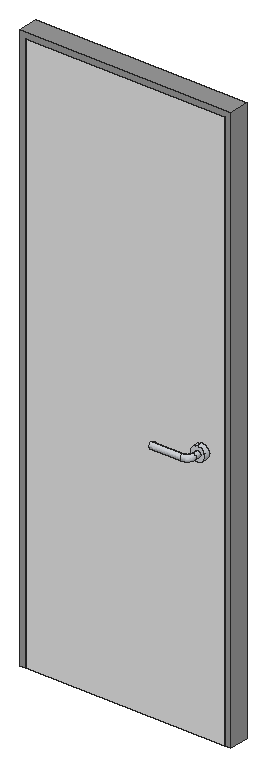
Revit family "- Lucero", category Doors, host Wall, Revit 2018
Family settings
  Host = Wall
  OmniClass Number = 23.30.10.00
  OmniClass Title = Doors
  Always vertical = Yes
  Cut with Voids When Loaded = No
  Shared = No
  Room Calculation Point = No
Parameters (values of type "- 70 x 200 cm")
  Set de Marcos = ""
  Relleno = ""
  Material Marco = - Perfil Aluminio
  Material Hoja = - HDF Primer
  Manilla = - Manilla
  Hojas = "Simple de Abatir"
  Function = Interior
  Frame Projection Ext. = 2.50 cm
  Frame Projection Int. = 2.50 cm
  Frame Width = 7.50 cm
  Height = 200.00 cm
  Wall Closure = By host
  Width = 74.00 cm
  Distancia a Cara Interior = 6.00 cm
  Bisagras = ""
  Ancho Hoja = Width - 4.00 cm  # 70.00 cm
  Ancho = Width  # 74.00 cm
  Analytic Construction = "<None>"
  Alto = Height  # 200.00 cm
Types (12, lengths in cm): name | Material Hoja | Height | Width | Ancho Hoja | Ancho | Alto
  - 70 x 200 cm | - HDF Primer | 200.00 | 74.00 | 70.00 | 74.00 | 200.00
  - 75 x 200 cm | none | 200.00 | 79.00 | 75.00 | 79.00 | 200.00
  - 80 x 200 cm | none | 200.00 | 84.00 | 80.00 | 84.00 | 200.00
  - 85 x 200 cm | none | 200.00 | 89.00 | 85.00 | 89.00 | 200.00
  - 90 x 200 cm | none | 200.00 | 94.00 | 90.00 | 94.00 | 200.00
  -100 x 200 cm | none | 200.00 | 104.00 | 100.00 | 104.00 | 200.00
  - 70 x 210 cm | none | 210.00 | 74.00 | 70.00 | 74.00 | 210.00
  - 75 x 210 cm | none | 210.00 | 79.00 | 75.00 | 79.00 | 210.00
  - 80 x 210 cm | none | 210.00 | 84.00 | 80.00 | 84.00 | 210.00
  - 85 x 210 cm | none | 210.00 | 89.00 | 85.00 | 89.00 | 210.00
  - 90 x 210 cm | none | 210.00 | 94.00 | 90.00 | 94.00 | 210.00
  - 100 x 210 cm | - HDF Crystal | 210.00 | 104.00 | 100.00 | 104.00 | 210.00
Reference planes (cm)
  plane 1: y = 0
  plane 2 "Center (Left/Right)": x = 0
  plane 3 "Left": x = -37
  plane 4 "Right": x = 37
  plane 5: z = 200
  plane 6 "Exterior": y = 7.5
  plane 7 "Interior": y = -7.5
  plane 8: y = -1.5
  plane 9: z = 198
  plane 10: x = -35
  plane 11: x = 35
Forms (cm)
  Sweep 1, solid, material "- Perfil Aluminio" <- "Material Marco"
    path origin (0, 7.5, 0) x (1, 0, 0) y (0, 0, 1)
      loop
        line (37, 0) -> (37, 200) -> (-37, 200) -> (-37, 0)
    profile origin (37, 7.5, 100) x (-1, 0, 0) y (0, -1, 0)
      loop
        line (0, 2) -> (3, 2) -> (3, 4.3) -> (2, 4.3) -> (2, 9) -> (0, 9) -> (0, 2)
  Extrusion 2, solid, material "- HDF Primer" <- "Material Hoja"
    sketch origin (0, 0, 0) x (1, 0, 0) y (0, 1, 0)
      loop
        line (-35, -1.5) -> (35, -1.5) -> (35, 3) -> (-35, 3) -> (-35, -1.5)
    from 0 to 198
  Sweep 3, solid, material "- Manilla" <- "Manilla", not visible
    path origin (5.8483, -7.5601, 0) x (1, 0, 0) y (0, 1, 0)
      loop
        line (22.1517, 15.0613) -> (32.1517, 15.0613)
        arc (32.1517, 15.0613) -> (33.5659, 14.4756) -> (34.1517, 13.0613) r 2
        line (34.1517, 13.0613) -> (34.1517, 11.0613)
    profile origin (33, 7.5012, 0) x (0, 1, 0) y (0, 0, 1)
      loop
        circle (0, 90) r 1
  Extrusion 4, solid, material "- Manilla" <- "Manilla", not visible
    sketch origin (0, 7.5, 0) x (1, 0, 0) y (0, 0, 1)
      loop
        circle (40, 90) r 2.5
    from 3.9988 to 5
Lines and regions (cm)
  Opening 1
    outline origin (-305, -7.5, 0) x (1, 0, 0) y (0, 0, 1)
      loop
        line (268, 0) -> (342, 0) -> (342, 200) -> (268, 200) -> (268, 0)
  symbolic lines, style "Elevation Swing"
    curve 1: line (37, -7.5, 100) -> (-37, -7.5, 200)
    curve 2: line (37, -7.5, 100) -> (-37, -7.5, 0)
    curve 7: arc (-30.5, -71.5, 0) -> (16.4246, -49.6941, 0) -> (35.2596, -1.5001, 0) r 69.4706
  symbolic lines
    curve 3: line (-35, -1.5, 0) -> (-35, -71.5, 0)
    curve 4: line (-30.5, -1.5, 0) -> (-35, -1.5, 0)
    curve 5: line (-30.5, -71.5, 0) -> (-30.5, -1.5, 0)
    curve 6: line (-35, -71.5, 0) -> (-30.5, -71.5, 0)
  model lines, not visible
    curve 8: line (-20, 3, 25) -> (20, 3, 25)
    curve 9: line (-20, 3, 65) -> (-20, 3, 25)
    curve 10: line (20, 3, 65) -> (8.6603, 3, 65)
    curve 11: line (20, 3, 25) -> (20, 3, 65)
    curve 12: line (-20, 3, 75) -> (-8.6603, 3, 75)
    curve 13: line (-20, 3, 75) -> (-20, 3, 169.9666)
    curve 14: line (20, 3, 75) -> (20, 3, 169.9666)
    curve 15: arc (-8.6603, 3, 65) -> (0, 3, 60) -> (8.6603, 3, 65) r 10
    curve 16: line (8.6603, 3, 75) -> (20, 3, 75)
    curve 17: line (-8.6603, 3, 65) -> (-20, 3, 65)
    curve 18: arc (8.6603, 3, 75) -> (0, 3, 80) -> (-8.6603, 3, 75) r 10
    curve 19: arc (14.9666, 3, 175) -> (0, 3, 183) -> (-14.9666, 3, 175) r 18
    curve 20: arc (-20, 3, 169.9666) -> (-16.4409, 3, 171.4409) -> (-14.9666, 3, 175) r 5.0334
    curve 21: arc (14.9666, 3, 175) -> (16.4409, 3, 171.4409) -> (20, 3, 169.9666) r 5.0334
    curve 22: line (-9.2195, 3, 64) -> (-19, 3, 64)
    curve 23: line (-19, 3, 64) -> (-19, 3, 26)
    curve 24: arc (9.2195, 3, 64) -> (0, 3, 59) -> (-9.2195, 3, 64) r 11
    curve 25: line (19, 3, 64) -> (9.2195, 3, 64)
    curve 26: line (19, 3, 26) -> (19, 3, 64)
    curve 27: line (-19, 3, 26) -> (19, 3, 26)
    curve 28: line (-18.9928, 3, 168.9932) -> (-18.9928, 3, 76)
    curve 29: arc (-13.9941, 3, 174.9045) -> (-15.4113, 3, 171.0338) -> (-18.9928, 3, 168.9932) r 5.9946
    curve 30: arc (13.9971, 3, 174.7848) -> (0.0327, 3, 182.1538) -> (-13.9941, 3, 174.9045) r 17.0542
    curve 31: arc (19, 3, 169.1276) -> (15.4988, 3, 171.072) -> (13.9971, 3, 174.7848) r 6.0089
    curve 32: line (19, 3, 76) -> (19, 3, 169.1276)
    curve 33: line (9.2195, 3, 76) -> (19, 3, 76)
    curve 34: arc (-9.2195, 3, 76) -> (0, 3, 81) -> (9.2195, 3, 76) r 11
    curve 35: line (-18.9928, 3, 76) -> (-9.2195, 3, 76)
    curve 36: arc (12.052, 3, 174.0667) -> (0.0498, 3, 180.1537) -> (-12.0243, 3, 174.2107) r 15.0542
    curve 37: arc (-12.0243, 3, 174.2107) -> (-13.561, 3, 170.1508) -> (-16.9928, 3, 167.4925) r 7.9946
    curve 38: line (-16.9928, 3, 167.4925) -> (-16.9928, 3, 78)
    curve 39: line (17, 3, 78) -> (17, 3, 167.6269)
    curve 40: arc (17, 3, 167.6269) -> (13.6492, 3, 170.1731) -> (12.052, 3, 174.0667) r 8.0089
    curve 41: line (-16.9928, 3, 78) -> (-10.247, 3, 78)
    curve 42: arc (-10.247, 3, 78) -> (0, 3, 83) -> (10.247, 3, 78) r 13
    curve 43: line (10.247, 3, 78) -> (17, 3, 78)
    curve 44: line (-10.247, 3, 62) -> (-17, 3, 62)
    curve 45: arc (10.247, 3, 62) -> (0, 3, 57) -> (-10.247, 3, 62) r 13
    curve 46: line (17, 3, 62) -> (10.247, 3, 62)
    curve 47: line (17, 3, 28) -> (17, 3, 62)
    curve 48: line (-17, 3, 28) -> (17, 3, 28)
    curve 49: line (-17, 3, 62) -> (-17, 3, 28)
    curve 50: line (-314, -1.5, 25) -> (-274, -1.5, 25)
    curve 51: line (-314, -1.5, 65) -> (-314, -1.5, 25)
    curve 52: line (-274, -1.5, 25) -> (-274, -1.5, 65)
    curve 53: line (-314, -1.5, 70) -> (-274, -1.5, 70)
    curve 54: line (-314, -1.5, 70) -> (-314, -1.5, 87)
    curve 55: line (-274, -1.5, 70) -> (-274, -1.5, 87)
    curve 56: line (-274, -1.5, 65) -> (-314, -1.5, 65)
    curve 57: line (-275, -1.5, 64) -> (-313, -1.5, 64)
    curve 58: line (-313, -1.5, 64) -> (-313, -1.5, 26)
    curve 59: line (-275, -1.5, 26) -> (-275, -1.5, 64)
    curve 60: line (-313, -1.5, 26) -> (-275, -1.5, 26)
    curve 61: line (-312.9928, -1.5, 86) -> (-312.9928, -1.5, 71)
    curve 62: line (-275, -1.5, 71) -> (-275, -1.5, 86)
    curve 63: line (-312.9928, -1.5, 71) -> (-275, -1.5, 71)
    curve 64: line (-310.9928, -1.5, 84) -> (-310.9928, -1.5, 73)
    curve 65: line (-277, -1.5, 73) -> (-277, -1.5, 84)
    curve 66: line (-310.9928, -1.5, 73) -> (-277, -1.5, 73)
    curve 67: line (-277, -1.5, 62) -> (-311, -1.5, 62)
    curve 68: line (-277, -1.5, 28) -> (-277, -1.5, 62)
    curve 69: line (-311, -1.5, 28) -> (-277, -1.5, 28)
    curve 70: line (-311, -1.5, 62) -> (-311, -1.5, 28)
    curve 71: line (-310.9928, -1.5, 84) -> (-277, -1.5, 84)
    curve 72: line (-314, -1.5, 87) -> (-274, -1.5, 87)
    curve 73: line (-312.9928, -1.5, 86) -> (-275, -1.5, 86)
    curve 74: line (-310.9928, -1.5, 84) -> (-277, -1.5, 84)
    curve 75: line (-314, -1.5, 97) -> (-274, -1.5, 97)
    curve 76: line (-314, -1.5, 185) -> (-314, -1.5, 97)
    curve 77: line (-274, -1.5, 97) -> (-274, -1.5, 185)
    curve 78: line (-274, -1.5, 185) -> (-314, -1.5, 185)
    curve 79: line (-275, -1.5, 184) -> (-313, -1.5, 184)
    curve 80: line (-313, -1.5, 184) -> (-313, -1.5, 98)
    curve 81: line (-275, -1.5, 98) -> (-275, -1.5, 184)
    curve 82: line (-313, -1.5, 98) -> (-275, -1.5, 98)
    curve 83: line (-277, -1.5, 182) -> (-311, -1.5, 182)
    curve 84: line (-277, -1.5, 100) -> (-277, -1.5, 182)
    curve 85: line (-311, -1.5, 100) -> (-277, -1.5, 100)
    curve 86: line (-311, -1.5, 182) -> (-311, -1.5, 100)
    curve 87: line (-320, 3, 25) -> (-280, 3, 25)
    curve 88: line (-320, 3, 65) -> (-320, 3, 25)
    curve 89: line (-280, 3, 25) -> (-280, 3, 65)
    curve 90: line (-320, 3, 72.5) -> (-280, 3, 72.5)
    curve 91: line (-280, 3, 65) -> (-320, 3, 65)
    curve 92: line (-281, 3, 64) -> (-319, 3, 64)
    curve 93: line (-319, 3, 64) -> (-319, 3, 26)
    curve 94: line (-281, 3, 26) -> (-281, 3, 64)
    curve 95: line (-319, 3, 26) -> (-281, 3, 26)
    curve 96: line (-319, 3, 73.5) -> (-281, 3, 73.5)
    curve 97: line (-317, 3, 75.5) -> (-283, 3, 75.5)
    curve 98: line (-283, 3, 62) -> (-317, 3, 62)
    curve 99: line (-283, 3, 28) -> (-283, 3, 62)
    curve 100: line (-317, 3, 28) -> (-283, 3, 28)
    curve 101: line (-317, 3, 62) -> (-317, 3, 28)
    curve 102: line (-320, 3, 179.3431) -> (-320, 3, 72.5)
    curve 103: line (-280, 3, 72.5) -> (-280, 3, 179.3431)
    curve 104: line (-319, 3, 178.3431) -> (-319, 3, 73.5)
    curve 105: line (-281, 3, 73.5) -> (-281, 3, 178.3431)
    curve 106: line (-283, 3, 75.5) -> (-283, 3, 176.3431)
    curve 107: line (-317, 3, 176.3431) -> (-317, 3, 75.5)
    curve 108: arc (-292, 3, 181) -> (-300, 3, 185) -> (-308, 3, 181) r 10
    curve 109: arc (-292, 3, 181) -> (-290.1648, 3, 179.7737) -> (-288, 3, 179.3431) r 5.6569
    curve 110: arc (-308, 3, 181) -> (-309.8352, 3, 179.7737) -> (-312, 3, 179.3431) r 5.6569
    curve 111: line (-288, 3, 179.3431) -> (-280, 3, 179.3431)
    curve 112: line (-312, 3, 179.3431) -> (-320, 3, 179.3431)
    curve 113: line (-281, 3, 178.3431) -> (-288, 3, 178.3431)
    curve 114: arc (-288, 3, 178.3431) -> (-290.5825, 3, 178.8645) -> (-292.7604, 3, 180.3468) r 6.6569
    curve 115: arc (-292.7604, 3, 180.3468) -> (-300, 3, 184) -> (-307.2396, 3, 180.3468) r 9
    curve 116: arc (-307.2396, 3, 180.3468) -> (-309.4175, 3, 178.8645) -> (-312, 3, 178.3431) r 6.6569
    curve 117: line (-312, 3, 178.3431) -> (-319, 3, 178.3431)
    curve 118: line (-283, 3, 176.3431) -> (-288, 3, 176.3431)
    curve 119: arc (-288, 3, 176.3431) -> (-291.43, 3, 177.0516) -> (-294.2985, 3, 179.0611) r 8.6569
    curve 120: arc (-294.2985, 3, 179.0611) -> (-300, 3, 182) -> (-305.7015, 3, 179.0611) r 7
    curve 121: arc (-305.7015, 3, 179.0611) -> (-308.57, 3, 177.0516) -> (-312, 3, 176.3431) r 8.6569
    curve 122: line (-312, 3, 176.3431) -> (-317, 3, 176.3431)
    curve 123: line (302, -1.5, 25) -> (342, -1.5, 25)
    curve 124: line (302, -1.5, 65) -> (302, -1.5, 25)
    curve 125: line (342, -1.5, 25) -> (342, -1.5, 65)
    curve 126: line (302, -1.5, 77.5) -> (342, -1.5, 77.5)
    curve 127: line (342, -1.5, 65) -> (302, -1.5, 65)
    curve 128: line (341, -1.5, 64) -> (303, -1.5, 64)
    curve 129: line (303, -1.5, 64) -> (303, -1.5, 26)
    curve 130: line (341, -1.5, 26) -> (341, -1.5, 64)
    curve 131: line (303, -1.5, 26) -> (341, -1.5, 26)
    curve 132: line (303, -1.5, 78.5) -> (341, -1.5, 78.5)
    curve 133: line (304.9998, -1.5, 80.5) -> (339.0011, -1.5, 80.5)
    curve 134: line (339, -1.5, 62) -> (305, -1.5, 62)
    curve 135: line (339, -1.5, 28) -> (339, -1.5, 62)
    curve 136: line (305, -1.5, 28) -> (339, -1.5, 28)
    curve 137: line (305, -1.5, 62) -> (305, -1.5, 28)
    curve 138: line (302, -1.5, 185) -> (302, -1.5, 77.5)
    curve 139: line (342, -1.5, 77.5) -> (342, -1.5, 185)
    curve 140: line (303, -1.5, 184) -> (303, -1.5, 78.5)
    curve 141: line (341, -1.5, 78.5) -> (341, -1.5, 184)
    curve 142: line (339.0011, -1.5, 80.5) -> (339.0011, -1.5, 182)
    curve 143: line (304.9998, -1.5, 182) -> (304.9998, -1.5, 80.5)
    curve 144: line (306, 3, 25) -> (346, 3, 25)
    curve 145: line (306, 3, 65) -> (306, 3, 25)
    curve 146: line (346, 3, 25) -> (346, 3, 65)
    curve 147: line (306, 3, 77.5) -> (346, 3, 77.5)
    curve 148: line (346, 3, 65) -> (306, 3, 65)
    curve 149: line (345, 3, 64) -> (307, 3, 64)
    curve 150: line (307, 3, 64) -> (307, 3, 26)
    curve 151: line (345, 3, 26) -> (345, 3, 64)
    curve 152: line (307, 3, 26) -> (345, 3, 26)
    curve 153: line (307, 3, 78.5) -> (345, 3, 78.5)
    curve 154: line (308.9998, 3, 80.5) -> (343.0011, 3, 80.5)
    curve 155: line (343, 3, 62) -> (309, 3, 62)
    curve 156: line (343, 3, 28) -> (343, 3, 62)
    curve 157: line (309, 3, 28) -> (343, 3, 28)
    curve 158: line (309, 3, 62) -> (309, 3, 28)
    curve 159: line (306, 3, 185) -> (306, 3, 77.5)
    curve 160: line (346, 3, 77.5) -> (346, 3, 185)
    curve 161: line (307, 3, 184) -> (307, 3, 78.5)
    curve 162: line (345, 3, 78.5) -> (345, 3, 184)
    curve 163: line (343.0011, 3, 80.5) -> (343.0011, 3, 182)
    curve 164: line (308.9998, 3, 182) -> (308.9998, 3, 80.5)
    curve 165: line (346, 3, 185) -> (306, 3, 185)
    curve 166: line (345, 3, 184) -> (307, 3, 184)
    curve 167: line (343.0011, 3, 182) -> (308.9998, 3, 182)
    curve 168: line (302, -1.5, 185) -> (342, -1.5, 185)
    curve 169: line (341, -1.5, 184) -> (303, -1.5, 184)
    curve 170: line (339.0011, -1.5, 182) -> (304.9998, -1.5, 182)
    curve 171: line (24, 7.5, 179) -> (-49, 7.5, 179)
    curve 172: line (24, 7.5, 178) -> (-49, 7.5, 178)
    curve 175: line (-49, 7.5, 178.5) -> (-48.8, 7.5, 178.5)
  model lines
    curve 173: line (-34, 7.5, 34.5) -> (-33.8, 7.5, 34.5)
    curve 174: line (-34, 7.5, 172.5) -> (-33.8, 7.5, 172.5)
    curve 176: line (-34, 7.5, 138) -> (-33.8, 7.5, 138)
    curve 177: line (-34, 7.5, 103.5) -> (-33.8, 7.5, 103.5)
    curve 178: line (-34, 7.5, 69) -> (-33.8, 7.5, 69)
    curve 179: line (-35, -1.5, 165) -> (35, -1.5, 165)
    curve 180: line (-35, -1.5, 33) -> (35, -1.5, 33)
    curve 181: line (-35, -1.5, 66) -> (35, -1.5, 66)
    curve 182: line (-35, -1.5, 99) -> (35, -1.5, 99)
    curve 183: line (-35, -1.5, 132) -> (35, -1.5, 132)
    curve 184: line (34, 3, 173.3333) -> (-34, 3, 173.3333)
    curve 185: line (34, 3, 138.6667) -> (-34, 3, 138.6667)
    curve 186: line (34, 3, 104) -> (-34, 3, 104)
    curve 187: line (34, 3, 69.3333) -> (-34, 3, 69.3333)
    curve 188: line (34, 3, 34.6667) -> (-34, 3, 34.6667)
Text (cm)
  text "Exterior" at (-229.5016, 109.9543, 0), in view "Ref. Level"
  text "Exterior" at (0, 161.538, 369.8081), in view "Left"
  text "Exterior" at (0, 103.6032, 387.4932), in view "Right"
Dimensions and locks (cm)
  equal spacing: plane 3 "Left", plane 2 "Center (Left/Right)", plane 4 "Right"
  "Width": plane 3 "Left" to plane 4 "Right"
  "Height": plane 5 to host wall
  equal spacing: host wall, curve 2, plane 5
  host wall to plane 5 = 200.00 cm
  locked: plane 6 "Exterior" to host wall at 0
  locked: plane 7 "Interior" to host wall
  "Distancia a Cara Interior": plane 7 "Interior" to plane 8
  locked: Sweep 1 sketch curve to Sweep 1 sketch curve at 7
  locked: plane 9 to plane 5 at 2
  locked: curve 3 to curve 5 at 4.5
  locked: plane 3 "Left" to plane 10 at 2
  locked: plane 11 to plane 4 "Right" at 2
  "Ancho Hoja": curve 6 to curve 4
  locked: Extrusion 2 sketch curve to Extrusion 2 sketch curve at 4.5
  locked: nested 1 to plane 4 "Right" at 10
  level to nested 1 = 90.00 cm
  locked: nested 2 to plane 4 "Right" at 10
  locked: nested 2 to level at 90
  locked: Sweep 1 sketch curve to Sweep 1 sketch curve at 2.3
  equal spacing: plane 9, curve 179, curve 183, curve 182, curve 181, curve 180, level
  aligned and locked: plane 3 "Left" to Opening 1 sketch curve
  aligned and locked: plane 5 to Opening 1 sketch curve  (x2)
  aligned and locked: Opening 1 sketch curve to plane 4 "Right"
  aligned and locked: Opening 1 sketch curve to level
  aligned and locked: plane 5 to curve 1
  aligned and locked: plane 3 "Left" to curve 2
  aligned and locked: plane 1 to host wall
  aligned and locked: plane 3 "Left" to curve 1
  aligned and locked: plane 8 to Sweep 1 sketch curve
  aligned and locked: Extrusion 2 sketch curve to plane 8
  aligned and locked: Sweep 1 to level
  aligned and locked: plane 10 to curve 3
  aligned and locked: Sweep 3 to Extrusion 4
  aligned and locked: Extrusion 2 to plane 9
Automatic sketch dimensions
  curve 7 to plane 8 = 0.0001 cm
  curve 7 to plane 11 = 0.2596 cm
  curve 4 to plane 8 = 0.00 cm
  curve 7 to plane 10 = 0.7919 cm
  Sweep 3 sketch curve to Sweep 3 sketch curve = 10.00 cm
  Sweep 3 sketch curve to Sweep 3 sketch curve = 2.00 cm  (x2)
  Sweep 3 sketch curve to profile plane = 0.00 cm
  profile plane to Sweep 3 sketch curve = 90.00 cm
  Extrusion 2 sketch curve to plane 10 = 0.00 cm
  Extrusion 2 sketch curve to plane 11 = 0.00 cm
  curve 15 to curve 18 = 0.00 cm  (x4)
  curve 15 to curve 24 = 0.00 cm  (x4)
  curve 15 to curve 34 = 0.00 cm  (x4)
  curve 15 to curve 42 = 0.00 cm  (x4)
  curve 15 to curve 45 = 0.00 cm  (x4)
  curve 29 to curve 37 = 0.00 cm  (x4)
  curve 30 to curve 36 = 0.00 cm  (x4)
  curve 31 to curve 40 = 0.00 cm  (x4)
  curve 8 to curve 31 = 0.00 cm
  curve 21 to curve 31 = 0.00 cm
  curve 14 to curve 32 = 1.00 cm
  curve 10 to curve 26 = 1.00 cm
  curve 26 to curve 47 = 2.00 cm
  curve 32 to curve 39 = 2.00 cm
  curve 46 to curve 46 = 6.753 cm
  curve 39 to curve 43 = 6.753 cm
  curve 42 to curve 33 = 1.0274 cm
  curve 45 to curve 25 = 1.0274 cm
  curve 33 to curve 16 = 0.5593 cm
  curve 24 to curve 10 = 0.5593 cm
  curve 16 to curve 24 = 8.6603 cm
  curve 39 to curve 19 = 17.00 cm
  curve 19 to curve 36 = 0.0402 cm
  curve 15 to curve 12 = 8.6603 cm
  curve 15 to curve 17 = 8.6603 cm
  curve 15 to curve 22 = 0.5593 cm
  curve 12 to curve 35 = 0.5593 cm
  curve 22 to curve 44 = 1.0274 cm
  curve 34 to curve 41 = 1.0274 cm
  curve 41 to curve 38 = 6.7459 cm
  curve 47 to curve 48 = 34.00 cm
  curve 38 to curve 35 = 2.00 cm
  curve 44 to curve 22 = 2.00 cm
  curve 28 to curve 29 = 0.9959 cm
  curve 29 to curve 20 = 0.0113 cm
  curve 22 to curve 17 = 1.00 cm
  curve 8 to curve 26 = 1.00 cm
  curve 23 to curve 49 = 2.00 cm
  curve 48 to curve 49 = 34.00 cm
  curve 45 to curve 25 = 2.00 cm
  curve 25 to curve 10 = 1.00 cm
  curve 10 to curve 45 = 5.00 cm
  curve 10 to curve 16 = 10.00 cm
  curve 12 to curve 35 = 1.00 cm
  curve 34 to curve 41 = 2.00 cm
  curve 41 to curve 19 = 87.00 cm
  curve 19 to curve 30 = 0.0997 cm
  curve 36 to curve 38 = 2.3928 cm
  curve 19 to curve 39 = 2.6269 cm
  curve 37 to curve 28 = 1.5007 cm
  curve 39 to curve 32 = 1.5007 cm
  curve 28 to curve 13 = 0.9734 cm
  curve 31 to curve 14 = 0.839 cm
  curve 13 to curve 29 = 4.9378 cm
  curve 29 to curve 20 = 0.0955 cm
  curve 21 to curve 40 = 0.0527 cm
  curve 31 to curve 36 = 1.9451 cm
  curve 55 to curve 62 = 1.4142 cm
  curve 59 to curve 68 = 2.8284 cm
  curve 62 to curve 65 = 2.8284 cm
  curve 53 to curve 63 = 1.4142 cm
  curve 57 to curve 67 = 2.8284 cm
  curve 66 to curve 64 = 33.9928 cm
  curve 68 to curve 69 = 34.00 cm
  curve 64 to curve 63 = 2.8284 cm
  curve 67 to curve 57 = 2.8284 cm
  curve 57 to curve 56 = 1.4142 cm
  curve 50 to curve 59 = 1.4142 cm
  curve 58 to curve 70 = 2.8284 cm
  curve 69 to curve 70 = 34.00 cm  (x2)
  curve 53 to curve 63 = 1.4193 cm
  curve 65 to curve 62 = 2.8284 cm
  curve 61 to curve 54 = 1.4193 cm
  curve 18 to curve 24 = 0.00 cm  (x2)
  curve 18 to curve 34 = 0.00 cm  (x2)
  curve 18 to curve 42 = 0.00 cm  (x2)
  curve 18 to curve 45 = 0.00 cm  (x2)
  curve 24 to curve 34 = 0.00 cm  (x2)
  curve 24 to curve 42 = 0.00 cm  (x2)
  curve 24 to curve 45 = 0.00 cm  (x2)
  curve 34 to curve 42 = 0.00 cm  (x2)
  curve 34 to curve 45 = 0.00 cm  (x2)
  curve 42 to curve 45 = 0.00 cm  (x2)
  curve 72 to curve 51 = 0.00 cm
  curve 75 to curve 54 = 0.00 cm
  curve 76 to curve 79 = 1.00 cm
  curve 51 to curve 57 = 1.00 cm
  curve 53 to curve 63 = 1.0072 cm
  curve 79 to curve 86 = 2.00 cm
  curve 58 to curve 70 = 2.00 cm
  curve 61 to curve 66 = 2.00 cm
  curve 64 to curve 65 = 33.9928 cm
  curve 69 to curve 69 = 34.00 cm
  curve 85 to curve 65 = 0.00 cm
  curve 68 to curve 60 = 2.00 cm
  curve 65 to curve 63 = 2.00 cm
  curve 84 to curve 82 = 2.00 cm
  curve 62 to curve 55 = 1.00 cm
  curve 57 to curve 56 = 1.00 cm  (x2)
  curve 79 to curve 78 = 1.00 cm  (x2)
  curve 50 to curve 59 = 1.00 cm
  curve 59 to curve 68 = 2.00 cm
  curve 67 to curve 57 = 2.00 cm
  curve 52 to curve 53 = 5.00 cm
  curve 53 to curve 63 = 1.00 cm
  curve 62 to curve 66 = 2.00 cm
  curve 65 to curve 71 = 11.00 cm
  curve 65 to curve 62 = 2.00 cm
  curve 62 to curve 72 = 1.00 cm
  curve 55 to curve 75 = 10.00 cm
  curve 75 to curve 82 = 1.00 cm
  curve 81 to curve 84 = 2.00 cm
  curve 84 to curve 84 = 82.00 cm
  curve 83 to curve 79 = 2.00 cm
  curve 87 to curve 90 = 0.00 cm
  curve 103 to curve 105 = 1.00 cm
  curve 89 to curve 92 = 1.00 cm
  curve 105 to curve 106 = 2.00 cm
  curve 92 to curve 99 = 2.00 cm
  curve 98 to curve 98 = 34.00 cm
  curve 106 to curve 107 = 34.00 cm
  curve 97 to curve 96 = 2.00 cm
  curve 98 to curve 92 = 2.00 cm
  curve 96 to curve 102 = 1.00 cm
  curve 92 to curve 91 = 1.00 cm
  curve 87 to curve 94 = 1.00 cm
  curve 94 to curve 99 = 2.00 cm
  curve 100 to curve 101 = 34.00 cm
  curve 98 to curve 93 = 2.00 cm
  curve 92 to curve 89 = 1.00 cm
  curve 89 to curve 103 = 7.50 cm
  curve 90 to curve 105 = 1.00 cm
  curve 96 to curve 106 = 2.00 cm
  curve 97 to curve 107 = 100.8431 cm
  curve 106 to curve 107 = 0.00 cm
  curve 106 to curve 105 = 2.00 cm
  curve 105 to curve 103 = 1.00 cm
  curve 123 to curve 126 = 52.50 cm
  curve 139 to curve 141 = 1.4142 cm
  curve 125 to curve 128 = 1.4142 cm
  curve 141 to curve 142 = 2.8276 cm
  curve 128 to curve 135 = 2.8284 cm
  curve 134 to curve 134 = 34.00 cm
  curve 142 to curve 143 = 34.0013 cm  (x2)
  curve 133 to curve 132 = 2.8283 cm
  curve 134 to curve 128 = 2.8284 cm
  curve 132 to curve 138 = 1.4142 cm
  curve 128 to curve 127 = 1.4142 cm
  curve 123 to curve 130 = 1.4142 cm
  curve 130 to curve 135 = 2.8284 cm
  curve 136 to curve 137 = 34.00 cm  (x2)
  curve 134 to curve 129 = 2.8284 cm
  curve 128 to curve 125 = 1.4142 cm
  curve 125 to curve 139 = 12.50 cm
  curve 126 to curve 141 = 1.4142 cm
  curve 132 to curve 142 = 2.8276 cm
  curve 133 to curve 143 = 101.50 cm
  curve 142 to curve 141 = 2.8276 cm
  curve 143 to curve 140 = 2.8283 cm
  curve 141 to curve 139 = 1.4142 cm
  curve 140 to curve 138 = 1.4142 cm
  curve 108 to curve 115 = 0.00 cm  (x4)
  curve 108 to curve 120 = 0.00 cm  (x4)
  curve 109 to curve 114 = 0.00 cm  (x3)
  curve 109 to curve 119 = 0.00 cm  (x4)
  curve 110 to curve 116 = 0.00 cm  (x3)
  curve 110 to curve 121 = 0.00 cm  (x3)
  curve 114 to curve 119 = 0.00 cm  (x3)
  curve 116 to curve 121 = 0.00 cm  (x4)
  curve 106 to curve 111 = 5.00 cm
  curve 118 to curve 115 = 12.00 cm
  curve 110 to curve 104 = 7.00 cm
  curve 115 to curve 106 = 1.3431 cm
  curve 122 to curve 117 = 2.00 cm
  curve 117 to curve 112 = 1.00 cm
  curve 110 to curve 121 = 5.6569 cm
  curve 111 to curve 109 = 5.6569 cm
  curve 109 to curve 109 = 4.00 cm
  curve 108 to curve 115 = 0.7604 cm
  curve 115 to curve 119 = 1.5381 cm
  curve 115 to curve 120 = 0.00 cm  (x2)
  curve 144 to curve 147 = 52.50 cm
  curve 160 to curve 162 = 1.4142 cm
  curve 146 to curve 149 = 1.4142 cm
  curve 162 to curve 163 = 2.8276 cm
  curve 149 to curve 156 = 2.8284 cm
  curve 155 to curve 155 = 34.00 cm  (x2)
  curve 163 to curve 164 = 34.0013 cm  (x3)
  curve 154 to curve 153 = 2.8283 cm
  curve 155 to curve 149 = 2.8284 cm
  curve 153 to curve 159 = 1.4142 cm
  curve 149 to curve 148 = 1.4142 cm
  curve 144 to curve 151 = 1.4142 cm  (x2)
  curve 151 to curve 156 = 2.8284 cm  (x2)
  curve 157 to curve 158 = 34.00 cm  (x3)
  curve 155 to curve 150 = 2.8284 cm  (x2)
  curve 149 to curve 146 = 1.4142 cm  (x2)
  curve 146 to curve 160 = 12.50 cm  (x3)
  curve 147 to curve 162 = 1.4142 cm
  curve 153 to curve 163 = 2.8276 cm
  curve 154 to curve 164 = 101.50 cm  (x2)
  curve 163 to curve 162 = 2.8276 cm  (x2)
  curve 164 to curve 161 = 2.8283 cm
  curve 162 to curve 160 = 1.4142 cm
  curve 161 to curve 159 = 1.4142 cm
  curve 159 to curve 145 = 120.00 cm
  curve 147 to curve 161 = 1.4142 cm
  curve 145 to curve 149 = 1.4142 cm
  curve 150 to curve 158 = 2.8284 cm
  curve 153 to curve 154 = 2.8283 cm
  curve 155 to curve 163 = 18.50 cm
  curve 156 to curve 152 = 2.8284 cm
  curve 153 to curve 160 = 1.4142 cm
  curve 151 to curve 144 = 1.4142 cm
  curve 147 to curve 153 = 1.4142 cm
  curve 153 to curve 164 = 2.8283 cm
  curve 144 to curve 147 = 0.00 cm
  curve 147 to curve 153 = 1.00 cm  (x2)
  curve 146 to curve 149 = 1.00 cm
  curve 162 to curve 163 = 1.9989 cm
  curve 149 to curve 156 = 2.00 cm
  curve 155 to curve 158 = 34.00 cm
  curve 164 to curve 161 = 1.9998 cm
  curve 155 to curve 149 = 2.00 cm
  curve 150 to curve 145 = 1.00 cm
  curve 153 to curve 147 = 1.00 cm
  curve 144 to curve 151 = 1.00 cm
  curve 151 to curve 156 = 2.00 cm
  curve 155 to curve 150 = 2.00 cm
  curve 149 to curve 148 = 1.00 cm
  curve 153 to curve 154 = 2.00 cm
  curve 164 to curve 161 = 2.00 cm
  curve 161 to curve 159 = 1.00 cm
  curve 168 to curve 124 = 0.00 cm
  curve 126 to curve 132 = 1.00 cm  (x2)
  curve 124 to curve 128 = 1.00 cm
  curve 132 to curve 143 = 1.9998 cm
  curve 129 to curve 137 = 2.00 cm
  curve 134 to curve 135 = 34.00 cm
  curve 134 to curve 133 = 0.0011 cm
  curve 134 to curve 130 = 2.00 cm  (x2)
  curve 133 to curve 132 = 1.9989 cm
  curve 141 to curve 139 = 1.00 cm
  curve 128 to curve 125 = 1.00 cm
  curve 123 to curve 130 = 1.00 cm
  curve 130 to curve 136 = 2.00 cm
  curve 128 to curve 127 = 1.00 cm
  curve 124 to curve 138 = 12.50 cm
  curve 132 to curve 143 = 2.00 cm
  curve 133 to curve 168 = 104.50 cm
  curve 142 to curve 141 = 2.00 cm
  curve 169 to curve 139 = 1.00 cm
  curve 173 to curve 173 = 0.20 cm
  curve 174 to curve 174 = 0.20 cm  (x2)
  curve 175 to curve 175 = 0.20 cm
  curve 175 to curve 172 = 72.80 cm
  curve 171 to curve 172 = 0.00 cm  (x2)
  curve 172 to curve 175 = 0.50 cm
  curve 175 to curve 171 = 0.50 cm
  curve 175 to curve 172 = 0.00 cm
  curve 176 to curve 176 = 0.20 cm  (x2)
  curve 177 to curve 177 = 0.20 cm  (x2)
  curve 178 to curve 178 = 0.20 cm  (x2)
  curve 2 to level = 0.00 cm
  plane 4 "Right" to curve 2 = 0.00 cm
  plane 3 "Left" to Sweep 1 sketch curve = 0.00 cm
  plane 4 "Right" to Sweep 1 sketch curve = 0.00 cm
  Sweep 1 sketch curve to level = 0.00 cm  (x2)
  Sweep 1 sketch curve to plane 5 = 0.00 cm
  Sweep 1 sketch curve to profile plane = 0.00 cm
  Sweep 1 sketch curve to profile plane = 2.00 cm
  Sweep 1 sketch curve to Sweep 1 sketch curve = 1.00 cm
  curve 173 to plane 10 = 1.00 cm
  curve 173 to plane 10 = 1.20 cm
  level to curve 173 = 34.50 cm
  curve 178 to plane 10 = 1.00 cm
  level to curve 178 = 69.00 cm
  curve 176 to plane 10 = 1.00 cm
  curve 177 to plane 10 = 1.00 cm
  curve 174 to plane 10 = 1.00 cm
  curve 178 to curve 177 = 34.50 cm
  curve 177 to curve 176 = 34.50 cm
  plane 9 to curve 174 = 25.50 cm
  Extrusion 2 to curve 184 = 1.00 cm
  Extrusion 2 to curve 188 = 1.00 cm
  Extrusion 2 to curve 187 = 1.00 cm
  Extrusion 2 to curve 185 = 1.00 cm
  Extrusion 2 to curve 186 = 1.00 cm
  curve 184 to Extrusion 2 = 1.00 cm
  curve 187 to Extrusion 2 = 1.00 cm
  curve 186 to Extrusion 2 = 1.00 cm
  curve 185 to Extrusion 2 = 1.00 cm
  curve 188 to Extrusion 2 = 1.00 cm
  Extrusion 2 to curve 188 = 34.6667 cm
  curve 188 to curve 187 = 34.6667 cm
  curve 187 to curve 186 = 34.6667 cm
  curve 186 to curve 185 = 34.6667 cm
  curve 185 to curve 184 = 34.6667 cm
  curve 179 to Extrusion 2 = 0.00 cm
  curve 182 to Extrusion 2 = 0.00 cm
  curve 180 to Extrusion 2 = 0.00 cm
  curve 181 to Extrusion 2 = 0.00 cm
  curve 183 to Extrusion 2 = 0.00 cm
  Extrusion 2 to curve 179 = 0.00 cm
  Extrusion 2 to curve 182 = 0.00 cm
  Extrusion 2 to curve 181 = 0.00 cm
  Extrusion 2 to curve 180 = 0.00 cm
  Extrusion 2 to curve 183 = 0.00 cm
  radius of Sweep 3 sketch curve = 1.00 cm
  radius of Extrusion 4 sketch curve = 2.50 cm
Nested families (cm)
  nested 1: "- Manilla Generica Puerta" at (27, 3, 90) x (0, 0, -1) z (0, 1, 0), type "- Manilla Generica Puerta"
  nested 2: "- Manilla Generica Puerta" at (27, -1.5, 90) x (0, 0, -1) z (0, -1, 0), type "- Manilla Generica Puerta"
Definition of nested family "- Manilla Generica Puerta"
  Parameters (values of type "- Manilla Generica Puerta")
    Manilla = none
    Default Elevation = 121.92 cm
  Reference planes (cm)
    plane 1 "Center (Front/Back)": y = 0
    plane 2: z = 0
    plane 3 "Center (Left/Right)": x = 0
    plane 4: z = 2
  Forms (cm)
    Extrusion 1, solid
      sketch origin (0, 0, 0) x (1, 0, 0) y (0, 1, 0)
        loop
          line (-121.92, 121.92) -> (-121.92, -121.92) -> (121.92, -121.92) -> (121.92, 121.92) -> (-121.92, 121.92)
      from 0 to -30.48
    Extrusion 2, solid, material <- "Manilla"
      sketch origin (0, 0, 0) x (1, 0, 0) y (0, 1, 0)
        loop
          circle (0, 0) r 2.5
      from 0 to 2
    Sweep 3, solid, material <- "Manilla"
      path origin (0, 0, 0) x (0, 1, 0) y (0, 0, 1)
        loop
          line (0, 2) -> (0, 4)
          arc (0, 4) -> (0.5858, 5.4142) -> (2, 6) r 2
          line (2, 6) -> (13, 6)
      profile origin (0, 0, 3) x (0, -1, 0) y (1, 0, 0)
        loop
          circle (0, 0) r 1
  Dimensions and locks (cm)
    locked: Extrusion 2 to Extrusion 2 at 2
    locked: plane 4 to level at 2
    aligned and locked: plane 2 to Extrusion 1
    aligned and locked: level to Extrusion 1
    aligned and locked: plane 4 to Sweep 3
